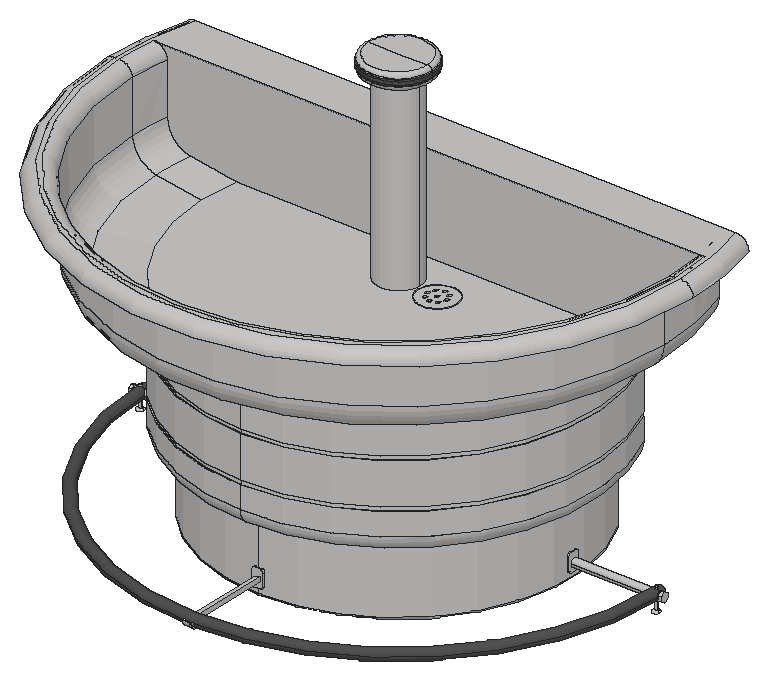
Revit family "Washfountain_Lavatory-Bradley_Corp-WF2704-Type_B_Drain", category Plumbing Fixtures, Revit 2012 (continued)
Lines and regions (in)
  symbolic lines, detail levels medium+fine
    curve 180: arc (-21.2101, -7.75, 28) -> (-20.53249, -6.11411, 28) -> (-18.8966, -5.4365, 28) r 2.3135
    curve 181: arc (21.22689, -7.75456, 28) -> (20.54794, -6.11544, 28) -> (18.90883, -5.4365, 28) r 2.31806
  symbolic lines, visible <- "Sensor Module"
    curve 41: line (-1.99987, -7.6967, 38.03462) -> (1.99987, -7.6967, 38.03462)
    curve 57: line (0, -5.6967, 38.03462) -> (0, -9.69657, 38.03462)
  symbolic lines, visible <- "Sensor Module", detail levels fine
    curve 42: line (-4.49987, -7.6967, 40.30962) -> (4.49987, -7.6967, 40.30962)
    curve 59: line (0, -3.1967, 40.30962) -> (0, -12.1967, 40.30962)
  symbolic lines, visible <- "Sensor Module", detail levels medium
    curve 43: line (-4.57537, -7.6967, 38.86012) -> (4.57537, -7.6967, 38.86012)
    curve 58: line (0, -3.12133, 38.86012) -> (0, -12.27207, 38.86012)
  symbolic lines, visible <- "Soap Dispenser", detail levels medium+fine
    curve 44: line (-6.13971, -7.6967, 44.87453) -> (6.13971, -7.6967, 44.87453)
    curve 60: line (0, -13.83546, 44.87453) -> (0, -5.4467, 44.87453)
    curve 172: line (-4.15684, -5.4467, 45.875) -> (-4.15684, -7.6967, 45.875)
    curve 173: arc (4.15684, -7.6967, 45.875) -> (0, -11.85353, 45.875) -> (-4.15684, -7.6967, 45.875) r 4.15684
    curve 174: line (4.15684, -5.4467, 45.875) -> (4.15684, -7.6967, 45.875)
  symbolic lines, visible <- "Soap Dispenser", detail levels fine
    curve 45: line (6.13971, -7.6967, 45.49971) -> (-6.13971, -7.6967, 45.49971)
    curve 46: line (-5.98301, -7.6967, 44.23265) -> (5.98301, -7.6967, 44.23265)
    curve 47: line (5.93039, -7.6967, 42.98265) -> (-5.93039, -7.6967, 42.98265)
    curve 48: line (-5.87777, -7.6967, 41.73265) -> (5.87777, -7.6967, 41.73265)
    curve 49: line (5.81, -7.6967, 40.48265) -> (-5.81, -7.6967, 40.48265)
    curve 61: line (0, -13.83546, 45.49971) -> (0, -5.4467, 45.49971)
    curve 62: line (0, -13.67876, 44.23265) -> (0, -5.4467, 44.23265)
    curve 63: line (0, -13.62614, 42.98265) -> (0, -5.4467, 42.98265)
    curve 64: line (0, -13.57352, 41.73265) -> (0, -5.4467, 41.73265)
    curve 65: line (0, -13.50574, 40.48265) -> (0, -5.4467, 40.48265)
  model lines, visible <- "Towel Dispenser", detail levels fine
    curve 79: spline (-9.02868, -6.55856, 52.12502) -> (-8.93498, -6.72086, 55.16615) -> (-8.66025, -7.1967, 58.00002) -> (-8.22323, -7.95365, 60.43353) -> (-7.65368, -8.94013, 62.30082) -> (-6.99044, -10.08891, 63.47465) -> (-6.27868, -11.3217, 63.87502) -> (-5.56693, -12.55449, 63.47465) -> (-4.90368, -13.70327, 62.30082) -> (-4.33414, -14.68975, 60.43353) -> (-3.89711, -15.4467, 58.00002) -> (-3.62239, -15.92254, 55.16615) -> (-3.52868, -16.08484, 52.12502)
    curve 80: spline (3.52868, -16.08484, 52.12502) -> (3.62239, -15.92254, 55.16615) -> (3.89711, -15.4467, 58.00002) -> (4.33414, -14.68975, 60.43353) -> (4.90368, -13.70327, 62.30082) -> (5.56693, -12.55449, 63.47465) -> (6.27868, -11.3217, 63.87502) -> (6.99044, -10.08891, 63.47465) -> (7.65368, -8.94013, 62.30082) -> (8.22323, -7.95365, 60.43353) -> (8.66025, -7.1967, 58.00002) -> (8.93498, -6.72086, 55.16615) -> (9.02868, -6.55856, 52.12502)
    curve 81: spline (4.50718, -14.39003, 54.72702) -> (4.52698, -14.35573, 54.7611) -> (4.54543, -14.32377, 54.861) -> (4.56128, -14.29633, 55.01992) -> (4.57344, -14.27528, 55.22702) -> (4.58108, -14.26204, 55.4682) -> (4.58368, -14.25752, 55.72702) -> (4.58108, -14.26204, 55.98584) -> (4.57344, -14.27528, 56.22702) -> (4.56128, -14.29633, 56.43413) -> (4.54543, -14.32377, 56.59305) -> (4.52698, -14.35573, 56.69295) -> (4.50718, -14.39003, 56.72702) -> (4.48738, -14.42432, 56.69295) -> (4.46893, -14.45628, 56.59305) -> (4.45309, -14.48372, 56.43413) -> (4.44093, -14.50478, 56.22702) -> (4.43329, -14.51801, 55.98584) -> (4.43068, -14.52253, 55.72702) -> (4.43329, -14.51801, 55.4682) -> (4.44093, -14.50478, 55.22702) -> (4.45309, -14.48372, 55.01992) -> (4.46893, -14.45628, 54.861) -> (4.48738, -14.42432, 54.7611) -> (4.50718, -14.39003, 54.72702)
    curve 82: spline (-8.05018, -8.25337, 54.72702) -> (-8.03038, -8.28766, 54.7611) -> (-8.01193, -8.31962, 54.861) -> (-7.99609, -8.34706, 55.01992) -> (-7.98393, -8.36812, 55.22702) -> (-7.97629, -8.38136, 55.4682) -> (-7.97368, -8.38587, 55.72702) -> (-7.97629, -8.38136, 55.98584) -> (-7.98393, -8.36812, 56.22702) -> (-7.99609, -8.34706, 56.43413) -> (-8.01193, -8.31962, 56.59305) -> (-8.03038, -8.28766, 56.69295) -> (-8.05018, -8.25337, 56.72702) -> (-8.06998, -8.21907, 56.69295) -> (-8.08843, -8.18712, 56.59305) -> (-8.10428, -8.15968, 56.43413) -> (-8.11644, -8.13862, 56.22702) -> (-8.12408, -8.12538, 55.98584) -> (-8.12668, -8.12087, 55.72702) -> (-8.12408, -8.12538, 55.4682) -> (-8.11644, -8.13862, 55.22702) -> (-8.10428, -8.15968, 55.01992) -> (-8.08843, -8.18712, 54.861) -> (-8.06998, -8.21907, 54.7611) -> (-8.05018, -8.25337, 54.72702)
  symbolic lines, visible <- "Towel Dispenser"
    curve 83: line (-2, -34.71749, 66.063) -> (2, -34.71749, 66.063)
    curve 84: line (-9.02868, -34.71749, 65.37567) -> (-3.52868, -34.71749, 65.37567)
    curve 85: line (-3.52868, -34.71749, 65.37567) -> (-0.06458, -34.71749, 66.063)
    curve 86: line (0.06458, -34.71749, 66.063) -> (3.52868, -34.71749, 65.37567)
    curve 87: line (3.52868, -34.71749, 65.37567) -> (9.02868, -34.71749, 65.37567)
    curve 88: line (3.52868, -34.71749, 65.37567) -> (3.52868, -34.71749, 52.12502)
    curve 89: line (3.52868, -34.71749, 52.12502) -> (9.02868, -34.71749, 52.12502)
    curve 90: line (3.52868, -34.71749, 52.12502) -> (1.58013, -34.71749, 50.75)
    curve 91: line (0.06458, -34.71749, 50.75) -> (0.06458, -34.71749, 66.063)
    curve 92: line (-0.06458, -34.71749, 66.063) -> (-0.06458, -34.71749, 50.75)
    curve 93: line (-9.02868, -34.71749, 52.12502) -> (-3.52868, -34.71749, 52.12502)
    curve 94: line (-3.52868, -34.71749, 52.12502) -> (-1.58013, -34.71749, 50.75)
    curve 95: line (-3.52868, -34.71749, 52.12502) -> (-3.52868, -34.71749, 65.37567)
    curve 108: line (0, -4.4467, 66.063) -> (0, -4.4467, 50.75)
    curve 109: line (0, -4.55856, 66.063) -> (0, -4.55856, 50.75)
    curve 110: line (0, -6.55856, 65.37567) -> (0, -4.55856, 66.063)
    curve 111: line (0, -6.55856, 52.12502) -> (0, -6.55856, 65.37567)
    curve 112: line (0, -6.55856, 65.37567) -> (0, -16.08484, 65.37567)
    curve 113: line (0, -5.6967, 66.063) -> (0, -9.6967, 66.063)
    curve 116: line (0, -5.43356, 50.75) -> (0, -6.55856, 52.12502)
    curve 117: line (0, -6.55856, 52.12502) -> (0, -16.08484, 52.12502)
    curve 123: line (-5.56458, 0, 66.063) -> (-5.56458, 0, 50.75)
    curve 124: line (5.56458, 0, 66.063) -> (5.56458, 0, 50.75)
    curve 125: line (-5.56458, 0, 65.37567) -> (5.56458, 0, 65.37567)
    curve 126: line (-5.56458, 0, 64.87567) -> (5.56458, 0, 64.87567)
    curve 127: line (-5.56458, 0, 52.3286) -> (5.56458, 0, 52.3286)
    curve 128: line (-5.56458, 0, 51.8286) -> (5.56458, 0, 51.8286)
    curve 129: line (-2, 0, 50.75) -> (-2, 0, 51.8286)
    curve 130: line (2.00013, 0, 50.75) -> (2.00013, 0, 51.8286)
    curve 131: line (2, 0, 52.3286) -> (2, 0, 64.87567)
    curve 132: line (2, 0, 65.37567) -> (2, 0, 66.063)
    curve 133: line (-2, 0, 66.063) -> (-2, 0, 65.37567)
    curve 134: line (-2, 0, 64.87567) -> (-2, 0, 52.3286)
    curve 135: line (-2, -34.71749, 50.75) -> (2.00013, -34.71749, 50.75)
    curve 168: line (-0.06458, -14.08484, 50.75) -> (-5.56458, -4.55856, 50.75)
    curve 169: line (5.56458, -4.55856, 50.75) -> (0.06458, -14.08484, 50.75)
    curve 171: circle (0, -7.6967, 50.75) r 2 normal (0, 0, 1)
  symbolic lines, visible <- "Towel Dispenser", detail levels fine
    curve 96: spline (-9.02868, -34.71749, 52.12502) -> (-8.93498, -34.71749, 55.16615) -> (-8.66025, -34.71749, 58.00002) -> (-8.22323, -34.71749, 60.43353) -> (-7.65368, -34.71749, 62.30082) -> (-6.99044, -34.71749, 63.47465) -> (-6.27868, -34.71749, 63.87502) -> (-5.56693, -34.71749, 63.47465) -> (-4.90368, -34.71749, 62.30082) -> (-4.33414, -34.71749, 60.43353) -> (-3.89711, -34.71749, 58.00002) -> (-3.62239, -34.71749, 55.16615) -> (-3.52868, -34.71749, 52.12502)
    curve 97: spline (3.52868, -34.71749, 52.12502) -> (3.62239, -34.71749, 55.16615) -> (3.89711, -34.71749, 58.00002) -> (4.33414, -34.71749, 60.43353) -> (4.90368, -34.71749, 62.30082) -> (5.56693, -34.71749, 63.47465) -> (6.27868, -34.71749, 63.87502) -> (6.99044, -34.71749, 63.47465) -> (7.65368, -34.71749, 62.30082) -> (8.22323, -34.71749, 60.43353) -> (8.66025, -34.71749, 58.00002) -> (8.93498, -34.71749, 55.16615) -> (9.02868, -34.71749, 52.12502)
    curve 98: spline (-8.05018, -34.71749, 54.72702) -> (-8.03038, -34.71749, 54.7611) -> (-8.01193, -34.71749, 54.861) -> (-7.99609, -34.71749, 55.01992) -> (-7.98393, -34.71749, 55.22702) -> (-7.97629, -34.71749, 55.4682) -> (-7.97368, -34.71749, 55.72702) -> (-7.97629, -34.71749, 55.98584) -> (-7.98393, -34.71749, 56.22702) -> (-7.99609, -34.71749, 56.43413) -> (-8.01193, -34.71749, 56.59305) -> (-8.03038, -34.71749, 56.69295) -> (-8.05018, -34.71749, 56.72702) -> (-8.06998, -34.71749, 56.69295) -> (-8.08843, -34.71749, 56.59305) -> (-8.10428, -34.71749, 56.43413) -> (-8.11644, -34.71749, 56.22702) -> (-8.12408, -34.71749, 55.98584) -> (-8.12668, -34.71749, 55.72702) -> (-8.12408, -34.71749, 55.4682) -> (-8.11644, -34.71749, 55.22702) -> (-8.10428, -34.71749, 55.01992) -> (-8.08843, -34.71749, 54.861) -> (-8.06998, -34.71749, 54.7611) -> (-8.05018, -34.71749, 54.72702)
    curve 99: spline (4.50718, -34.71749, 54.72702) -> (4.52698, -34.71749, 54.7611) -> (4.54543, -34.71749, 54.861) -> (4.56128, -34.71749, 55.01992) -> (4.57344, -34.71749, 55.22702) -> (4.58108, -34.71749, 55.4682) -> (4.58368, -34.71749, 55.72702) -> (4.58108, -34.71749, 55.98584) -> (4.57344, -34.71749, 56.22702) -> (4.56128, -34.71749, 56.43413) -> (4.54543, -34.71749, 56.59305) -> (4.52698, -34.71749, 56.69295) -> (4.50718, -34.71749, 56.72702) -> (4.48738, -34.71749, 56.69295) -> (4.46893, -34.71749, 56.59305) -> (4.45309, -34.71749, 56.43413) -> (4.44093, -34.71749, 56.22702) -> (4.43329, -34.71749, 55.98584) -> (4.43068, -34.71749, 55.72702) -> (4.43329, -34.71749, 55.4682) -> (4.44093, -34.71749, 55.22702) -> (4.45309, -34.71749, 55.01992) -> (4.46893, -34.71749, 54.861) -> (4.48738, -34.71749, 54.7611) -> (4.50718, -34.71749, 54.72702)
    curve 114: spline (0, -6.55856, 52.12502) -> (0, -6.72086, 55.16615) -> (0, -7.1967, 58.00002) -> (0, -7.95365, 60.43353) -> (0, -8.94013, 62.30082) -> (0, -10.08891, 63.47465) -> (0, -11.3217, 63.87502) -> (0, -12.55449, 63.47465) -> (0, -13.70327, 62.30082) -> (0, -14.68975, 60.43353) -> (0, -15.4467, 58.00002) -> (0, -15.92254, 55.16615) -> (0, -16.08484, 52.12502)
    curve 115: spline (0, -14.39003, 54.72702) -> (0, -14.35573, 54.7611) -> (0, -14.32377, 54.861) -> (0, -14.29633, 55.01992) -> (0, -14.27528, 55.22702) -> (0, -14.26204, 55.4682) -> (0, -14.25752, 55.72702) -> (0, -14.26204, 55.98584) -> (0, -14.27528, 56.22702) -> (0, -14.29633, 56.43413) -> (0, -14.32377, 56.59305) -> (0, -14.35573, 56.69295) -> (0, -14.39003, 56.72702) -> (0, -14.42432, 56.69295) -> (0, -14.45628, 56.59305) -> (0, -14.48372, 56.43413) -> (0, -14.50478, 56.22702) -> (0, -14.51801, 55.98584) -> (0, -14.52253, 55.72702) -> (0, -14.51801, 55.4682) -> (0, -14.50478, 55.22702) -> (0, -14.48372, 55.01992) -> (0, -14.45628, 54.861) -> (0, -14.42432, 54.7611) -> (0, -14.39003, 54.72702)
  symbolic lines, visible <- "Towel Dispenser", detail levels medium+fine
    curve 100: line (-7.85863, -34.71749, 51.8286) -> (-3.85863, -34.71749, 51.8286)
    curve 101: spline (-3.85863, -34.71749, 51.8286) -> (-3.74268, -34.71749, 51.81528) -> (-3.59687, -34.71749, 51.77621) -> (-3.43113, -34.71749, 51.71406) -> (-3.25676, -34.71749, 51.63306) -> (-3.08563, -34.71749, 51.53873) -> (-2.92941, -34.71749, 51.43751) -> (-2.79874, -34.71749, 51.33629) -> (-2.70254, -34.71749, 51.24197) -> (-2.64735, -34.71749, 51.16097) -> (-2.63694, -34.71749, 51.09882) -> (-2.67201, -34.71749, 51.05975) -> (-2.75019, -34.71749, 51.04642)
    curve 102: line (-2.75019, -34.71749, 51.04642) -> (-6.75019, -34.71749, 51.04642)
    curve 103: spline (-6.75019, -34.71749, 51.04642) -> (-6.86613, -34.71749, 51.05975) -> (-7.01194, -34.71749, 51.09882) -> (-7.17768, -34.71749, 51.16097) -> (-7.35206, -34.71749, 51.24197) -> (-7.52319, -34.71749, 51.33629) -> (-7.67941, -34.71749, 51.43751) -> (-7.81007, -34.71749, 51.53873) -> (-7.90628, -34.71749, 51.63306) -> (-7.96146, -34.71749, 51.71406) -> (-7.97187, -34.71749, 51.77621) -> (-7.9368, -34.71749, 51.81528) -> (-7.85863, -34.71749, 51.8286)
    curve 104: line (7.85863, -34.71749, 51.8286) -> (3.85863, -34.71749, 51.8286)
    curve 105: spline (3.85863, -34.71749, 51.8286) -> (3.74268, -34.71749, 51.81528) -> (3.59687, -34.71749, 51.77621) -> (3.43113, -34.71749, 51.71406) -> (3.25676, -34.71749, 51.63306) -> (3.08563, -34.71749, 51.53873) -> (2.92941, -34.71749, 51.43751) -> (2.79874, -34.71749, 51.33629) -> (2.70254, -34.71749, 51.24197) -> (2.64735, -34.71749, 51.16097) -> (2.63694, -34.71749, 51.09882) -> (2.67201, -34.71749, 51.05975) -> (2.75019, -34.71749, 51.04642)
    curve 106: line (2.75019, -34.71749, 51.04642) -> (6.75019, -34.71749, 51.04642)
    curve 107: spline (6.75019, -34.71749, 51.04642) -> (6.86613, -34.71749, 51.05975) -> (7.01194, -34.71749, 51.09882) -> (7.17768, -34.71749, 51.16097) -> (7.35206, -34.71749, 51.24197) -> (7.52319, -34.71749, 51.33629) -> (7.67941, -34.71749, 51.43751) -> (7.81007, -34.71749, 51.53873) -> (7.90628, -34.71749, 51.63306) -> (7.96146, -34.71749, 51.71406) -> (7.97187, -34.71749, 51.77621) -> (7.9368, -34.71749, 51.81528) -> (7.85863, -34.71749, 51.8286)
    curve 118: spline (0, -7.61507, 51.8286) -> (0, -7.43606, 51.81528) -> (0, -7.24745, 51.77621) -> (0, -7.06208, 51.71406) -> (0, -6.89258, 51.63306) -> (0, -6.75052, 51.53873) -> (0, -6.64558, 51.43751) -> (0, -6.58489, 51.33629) -> (0, -6.57261, 51.24197) -> (0, -6.60956, 51.16097) -> (0, -6.69323, 51.09882) -> (0, -6.81791, 51.05975) -> (0, -6.97512, 51.04642)
    curve 119: line (0, -6.97512, 51.04642) -> (0, -13.90332, 51.04642)
    curve 120: spline (0, -13.90332, 51.04642) -> (0, -14.08233, 51.05975) -> (0, -14.27095, 51.09882) -> (0, -14.45632, 51.16097) -> (0, -14.62581, 51.24197) -> (0, -14.76787, 51.33629) -> (0, -14.87282, 51.43751) -> (0, -14.9335, 51.53873) -> (0, -14.94579, 51.63306) -> (0, -14.90884, 51.71406) -> (0, -14.82517, 51.77621) -> (0, -14.70048, 51.81528) -> (0, -14.54328, 51.8286)
    curve 121: line (0, -14.54328, 51.8286) -> (0, -7.61507, 51.8286)
    curve 167: line (-7.08013, -5.43356, 50.75) -> (-1.58013, -14.95984, 50.75)
    curve 170: line (1.58013, -14.95984, 50.75) -> (7.08013, -5.43356, 50.75)
  model lines, detail levels medium+fine
    curve 137: circle (4, -8.25, 19.12) r 1.25 normal (0, 0, 1)
  symbolic lines, visible <- "Foot Control Valve", detail levels fine
    curve 155: line (0, -7.5767, 0.1445) -> (0, -7.8167, 0.1445)
    curve 156: circle (0, -7.75001, 1.425) r 0.36122 normal (1, 0, 0)
    curve 157: line (0, -7.5767, 1.99999) -> (0, -7.8167, 1.99999)
    curve 158: line (0, -7.8167, 1.99999) -> (0, -7.8167, 1.9244)
    curve 159: line (0, -7.5767, 1.99999) -> (0, -7.5767, 1.9244)
    curve 160: line (0, -7.5767, 0.67154) -> (0, -7.5767, 0.92558)
    curve 161: line (0, -7.8167, 0.67154) -> (0, -7.8167, 0.92558)
    curve 182: line (-0.40046, -36.21749, 0.92558) -> (-0.40046, -36.21749, 0.82558)
    curve 183: line (-0.40046, -36.21749, 0.82558) -> (0.4, -36.21749, 0.82558)
    curve 184: line (0.4, -36.21749, 0.82558) -> (0.4, -36.21749, 0.92558)
    curve 185: line (-24.01563, 0, 1.7965) -> (-24.01563, 0, 1.0535)
    curve 186: line (-24.32813, 0, 1.21051) -> (-24.01563, 0, 1.21051)
    curve 187: line (-24.32813, 0, 1.63949) -> (-24.01563, 0, 1.63949)
    curve 188: line (-23.69813, 0, 0.1445) -> (-23.45813, 0, 0.1445)
    curve 189: line (24.04349, 0, 1.7965) -> (24.04349, 0, 1.0535)
    curve 190: line (24.37917, 0, 1.21051) -> (24.04349, 0, 1.21051)
    curve 191: line (24.37923, 0, 1.63949) -> (24.04349, 0, 1.63949)
    curve 192: line (23.69813, 0, 0.1445) -> (23.45813, 0, 0.1445)
  symbolic lines, visible <- "Foot Control Valve", detail levels coarse+medium
    curve 162: line (-0.40046, -34.71749, 0.92558) -> (0.4, -34.71749, 0.92558)
  symbolic lines, visible <- "Sensor Module", detail levels medium+fine
    curve 175: circle (0, -7.6967, 40.875) r 3.75 normal (0, 0, 1)
Dimensions and locks (in)
  equal spacing: plane 4 "Left", plane 3 "Center (Left/Right)", plane 5 "Right"
  "Width": plane 4 "Left" to plane 5 "Right"
  "Towel Dispenser Height": plane 6 "Towel Dispenser" to plane 2
  "Soap Dispenser Height": plane 7 "Soap Dispenser" to plane 2
  "Sensor Module Height": plane 8 "Sensor Module" to plane 2
  "Spray Head Height": plane 9 "Spray Head" to plane 2
  "Rim Height": plane 10 "Rim Height" to plane 2
  "Pedestal Height": plane 11 "Pedestal Height" to plane 2
  locked: plane 9 "Spray Head" to Revolve 7 sketch curve at 1.38963
  locked: plane 9 "Spray Head" to Revolve 8 sketch curve at 1.38963
  locked: plane 9 "Spray Head" to Masking region 1 sketch curve at 1.38963  (x2)
  locked: plane 9 "Spray Head" to Masking region 2 sketch curve at 1.38963  (x2)
  locked: plane 8 "Sensor Module" to Revolve 9 sketch curve at 2.84038
  locked: plane 8 "Sensor Module" to Revolve 10 sketch curve at 2.84038
  locked: plane 8 "Sensor Module" to Masking region 3 sketch curve at 2.84038  (x2)
  locked: plane 8 "Sensor Module" to Masking region 4 sketch curve at 2.84038  (x2)
  locked: plane 7 "Soap Dispenser" to plane 13 at 6
  locked: plane 8 "Sensor Module" to Masking region 10 sketch curve at 2.84038  (x2)
  locked: plane 8 "Sensor Module" to Masking region 9 sketch curve at 2.84038  (x2)
  plane 14 "Front" to plane 1 "Center (Front/Back)" = 34.71749"
  locked: curve 76 to Extrusion 16 sketch curve at 15.313
  locked: curve 76 to Extrusion 16 sketch curve at 15.16279
  locked: Extrusion 16 sketch curve to curve 76 at 4
  locked: Extrusion 16 sketch curve to Extrusion 16 sketch curve at 1.37502
  locked: curve 77 to Extrusion 17 sketch curve at 4
  locked: curve 77 to Extrusion 17 sketch curve at 15.313
  locked: curve 77 to Extrusion 17 sketch curve at 15.16279
  locked: Extrusion 17 sketch curve to Extrusion 17 sketch curve at 1.37502
  locked: Extrusion 19 to Extrusion 16 at 1
  "Towel Dispenser Holder": plane 6 "Towel Dispenser" to Extrusion 19
  "Soap Dispenser Holder": plane 13 to Extrusion 20
  "Towel Dispenser Holder": plane 6 "Towel Dispenser" to Masking region 21
  "Soap Dispenser Holder": plane 13 to Masking region 22
  "Towel Dispenser Holder": plane 6 "Towel Dispenser" to Masking region 24
  "Soap Dispenser Holder": Masking region 23 to plane 13
  Extrusion 33 sketch curve to plane 1 "Center (Front/Back)" = 8.250"
  locked: Extrusion 33 to plane 2 at 3
  Extrusion 34 sketch curve to plane 1 "Center (Front/Back)" = 8.250"
  "Vent Height": Extrusion 34 to plane 2
  locked: plane 1 "Center (Front/Back)" to Extrusion 35 at 2.5
  locked: Extrusion 33 sketch curve to plane 3 "Center (Left/Right)" at 4
  locked: plane 7 "Soap Dispenser" to Revolve 12 sketch curve at 1.00047
  locked: plane 7 "Soap Dispenser" to Revolve 39 sketch curve at 1.00047
  locked: plane 7 "Soap Dispenser" to Extrusion 14 sketch curve at 1.00047
  locked: plane 7 "Soap Dispenser" to Extrusion 40 sketch curve at 1.00047
  locked: plane 8 "Sensor Module" to Extrusion 41 sketch curve at 1.29013
  locked: plane 8 "Sensor Module" to Extrusion 42 sketch curve at 1.29013
  Extrusion 34 sketch curve to plane 3 "Center (Left/Right)" to Extrusion 34 sketch curve = 0.875" locked, 0.875" locked
  locked: Extrusion 34 sketch curve to plane 1 "Center (Front/Back)" at 7  (x2)
  radius of Extrusion 19 sketch curve = 2.000"
  radius of Extrusion 20 sketch curve = 2.000"
  radius of Extrusion 33 sketch curve = 1.000"
  "Vent Radius": radius of Extrusion 34 sketch curve
  "Hot Lavatory Inlet Radius": radius of Extrusion 34 sketch curve
  "Cold Lavatory Inlet Radius": radius of Extrusion 34 sketch curve
  aligned and locked: Extrusion 2 sketch curve to plane 1 "Center (Front/Back)"
  aligned and locked: Extrusion 2 to plane 2
  aligned and locked: plane 9 "Spray Head" to Extrusion 2
  aligned and locked: plane 12 to Revolve 4 sketch curve
  aligned and locked: plane 12 to Revolve 5 sketch curve
  aligned and locked: plane 12 to Revolve 6 sketch curve
  aligned and locked: Revolve 7 sketch curve to plane 3 "Center (Left/Right)"
  aligned and locked: Revolve 8 sketch curve to plane 3 "Center (Left/Right)"
  aligned and locked: plane 11 "Pedestal Height" to Revolve 7 sketch curve
  aligned and locked: Revolve 7 sketch curve to plane 9 "Spray Head"
  aligned and locked: Revolve 8 sketch curve to plane 11 "Pedestal Height"
  aligned and locked: Masking region 1 sketch curve to plane 10 "Rim Height"
  aligned and locked: Masking region 2 sketch curve to plane 10 "Rim Height"
  aligned and locked: Masking region 2 sketch curve to plane 9 "Spray Head"
  aligned and locked: Revolve 9 sketch curve to plane 8 "Sensor Module"
  aligned and locked: Revolve 9 sketch curve to plane 9 "Spray Head"
  aligned and locked: Revolve 9 sketch curve to plane 3 "Center (Left/Right)"
  aligned and locked: Revolve 10 sketch curve to plane 3 "Center (Left/Right)"
  aligned and locked: Revolve 10 sketch curve to plane 9 "Spray Head"
  aligned and locked: Masking region 3 sketch curve to plane 9 "Spray Head"
  aligned and locked: Masking region 4 sketch curve to plane 9 "Spray Head"
  aligned and locked: Masking region 4 sketch curve to plane 8 "Sensor Module"
  aligned and locked: Revolve 11 sketch curve to plane 7 "Soap Dispenser"
  aligned and locked: plane 13 to Revolve 11 sketch curve
  aligned and locked: Revolve 11 sketch curve to plane 3 "Center (Left/Right)"
  aligned and locked: Revolve 12 sketch curve to plane 3 "Center (Left/Right)"
  aligned and locked: Masking region 5 sketch curve to plane 7 "Soap Dispenser"
  aligned and locked: Masking region 5 sketch curve to plane 13
  aligned and locked: Masking region 6 sketch curve to plane 7 "Soap Dispenser"
  aligned and locked: plane 13 to Masking region 6 sketch curve
  aligned and locked: Extrusion 13 sketch curve to plane 7 "Soap Dispenser"
  aligned and locked: plane 13 to Extrusion 13 sketch curve
  aligned and locked: plane 13 to Extrusion 14 sketch curve
  aligned and locked: plane 9 "Spray Head" to Masking region 9 sketch curve
  aligned and locked: Masking region 9 sketch curve to plane 8 "Sensor Module"
  aligned and locked: Masking region 10 sketch curve to plane 8 "Sensor Module"
  aligned and locked: Masking region 10 sketch curve to plane 9 "Spray Head"
  aligned and locked: Masking region 11 sketch curve to plane 10 "Rim Height"
  aligned and locked: Masking region 11 sketch curve to plane 9 "Spray Head"
  aligned and locked: Masking region 12 sketch curve to plane 10 "Rim Height"
  aligned and locked: Masking region 15 sketch curve to plane 11 "Pedestal Height"
  aligned and locked: Masking region 15 sketch curve to plane 2
  aligned and locked: Masking region 16 sketch curve to plane 11 "Pedestal Height"
  aligned and locked: Masking region 16 sketch curve to plane 2
  aligned and locked: Masking region 17 sketch curve to plane 10 "Rim Height"
  aligned and locked: Masking region 17 sketch curve to plane 11 "Pedestal Height"
  aligned and locked: Masking region 18 sketch curve to plane 10 "Rim Height"
  aligned and locked: plane 11 "Pedestal Height" to Masking region 18 sketch curve
  aligned and locked: Masking region 19 sketch curve to plane 11 "Pedestal Height"
  aligned and locked: plane 2 to Masking region 19 sketch curve
  aligned and locked: Masking region 20 sketch curve to plane 11 "Pedestal Height"
  aligned and locked: plane 2 to Masking region 20 sketch curve
  aligned and locked: plane 12 to Extrusion 15 sketch curve
  aligned and locked: plane 3 "Center (Left/Right)" to Extrusion 15 sketch curve
  aligned and locked: plane 12 to Extrusion 18 sketch curve
  aligned and locked: plane 3 "Center (Left/Right)" to Extrusion 18 sketch curve
  aligned and locked: plane 12 to Extrusion 19 sketch curve
  aligned and locked: plane 3 "Center (Left/Right)" to Extrusion 19 sketch curve
  aligned and locked: plane 12 to Extrusion 20 sketch curve
  aligned and locked: plane 3 "Center (Left/Right)" to Extrusion 20 sketch curve
  aligned and locked: Extrusion 20 to plane 13
  aligned and locked: plane 6 "Towel Dispenser" to Masking region 21
  aligned and locked: Masking region 22 to plane 13
  aligned and locked: plane 13 to Masking region 23
  aligned and locked: Masking region 24 to plane 6 "Towel Dispenser"
  aligned and locked: Extrusion 22 to plane 11 "Pedestal Height"
  aligned and locked: plane 2 to Blend 28
  aligned and locked: Blend 27 to plane 2
  aligned and locked: Blend 28 to Extrusion 26
  aligned and locked: plane 3 "Center (Left/Right)" to Masking region 32 sketch curve
  aligned and locked: plane 3 "Center (Left/Right)" to curve 171
  aligned and locked: plane 12 to curve 171
  aligned and locked: plane 3 "Center (Left/Right)" to Masking region 35 sketch curve
  aligned and locked: plane 12 to Masking region 35 sketch curve
  aligned and locked: plane 12 to curve 175
  aligned and locked: plane 3 "Center (Left/Right)" to curve 175
  aligned and locked: plane 12 to Masking region 36 sketch curve
  aligned and locked: plane 3 "Center (Left/Right)" to Masking region 36 sketch curve
  aligned and locked: plane 12 to curve 176
  aligned and locked: plane 3 "Center (Left/Right)" to curve 176
  aligned and locked: Extrusion 33 to plane 2
  aligned and locked: Extrusion 34 to plane 2
  aligned and locked: Extrusion 35 to plane 1 "Center (Front/Back)"
  aligned and locked: Masking region 30 to Extrusion 32
  aligned and locked: plane 3 "Center (Left/Right)" to Extrusion 34 sketch curve
  aligned and locked: Revolve 39 sketch curve to plane 3 "Center (Left/Right)"
  aligned and locked: Extrusion 40 sketch curve to plane 7 "Soap Dispenser"
  aligned and locked: plane 11 "Pedestal Height" to Sweep 3 sketch curve
  aligned and locked: plane 3 "Center (Left/Right)" to Extrusion 41 sketch curve
  aligned and locked: plane 3 "Center (Left/Right)" to Extrusion 42 sketch curve
  aligned and locked: Extrusion 41 to Masking region 9
  aligned and locked: Extrusion 42 to Masking region 10
  aligned and locked: Masking region 9 to Extrusion 42
  aligned and locked: Masking region 37 sketch curve to Extrusion 41  (x2)
  aligned and locked: Extrusion 42 to Masking region 38 sketch curve
  aligned and locked: Masking region 38 sketch curve to Extrusion 42
  aligned and locked: cut or joined group of Sweep 1, Extrusion 2, Extrusion 22, Extrusion 44, Sweep 45 to Extrusion 21
  aligned and locked: plane 3 "Center (Left/Right)" to curve 13
  aligned and locked: Extrusion 43 to cut or joined group of Extrusion 2, Sweep 3, Extrusion 22, Extrusion 43
  aligned and locked: Extrusion 43 to curve 13
  aligned and locked: cut or joined group of Extrusion 2, Sweep 3, Extrusion 22, Extrusion 43 to curve 24
  aligned and locked: curve 33 to cut or joined group of Extrusion 2, Sweep 3, Extrusion 22, Extrusion 43
Automatic sketch dimensions
  level to curve 186 = 1.21051"
  plane 4 "Left" to curve 186 = 2.67187"
  curve 187 to curve 186 = 0.000"
  curve 186 to curve 186 = 0.3125"
  level to curve 188 = 0.1445"
  curve 185 to curve 188 = 0.3175"
  curve 188 to curve 188 = 0.240"
  level to curve 192 = 0.1445"
  curve 192 to plane 5 "Right" = 3.54187"
  curve 192 to curve 192 = 0.240"
  curve 192 to curve 190 = 0.34536"
  curve 190 to curve 190 = 0.33568"
  curve 191 to curve 191 = 0.33574"
  curve 192 to curve 189 = 0.909"
  curve 185 to curve 186 = 0.15701"
  curve 189 to curve 190 = 0.15701"
  curve 186 to curve 187 = 0.42897"
  curve 190 to curve 191 = 0.42897"
  curve 191 to curve 189 = 0.15701"
  curve 187 to curve 185 = 0.15701"
  curve 149 to plane 12 = 0.000"
  curve 149 to plane 3 "Center (Left/Right)" = 0.000"
  plane 4 "Left" to curve 150 = 2.99154"
  plane 12 to curve 151 = 0.500"
  plane 12 to curve 150 = 0.500"
  curve 163 to plane 3 "Center (Left/Right)" = 1.500"
  plane 3 "Center (Left/Right)" to curve 163 = 1.500"
  curve 163 to plane 14 "Front" = 1.500"
  curve 1 to plane 1 "Center (Front/Back)" = 0.000"
  curve 2 to plane 3 "Center (Left/Right)" = 0.000"
  plane 3 "Center (Left/Right)" to curve 1 = 3.000"
  curve 1 to plane 3 "Center (Left/Right)" = 3.000"
  curve 2 to plane 1 "Center (Front/Back)" = 3.000"
  plane 1 "Center (Front/Back)" to curve 2 = 3.000"
  curve 3 to plane 12 = 0.000"
  curve 4 to plane 3 "Center (Left/Right)" = 0.000"
  plane 3 "Center (Left/Right)" to curve 3 = 3.000"
  curve 3 to plane 3 "Center (Left/Right)" = 3.000"
  plane 12 to curve 4 = 3.000"
  curve 4 to plane 12 = 3.000"
  curve 5 to plane 12 = 0.000"
  curve 6 to plane 3 "Center (Left/Right)" = 0.000"
  plane 3 "Center (Left/Right)" to curve 5 = 3.000"
  curve 5 to plane 3 "Center (Left/Right)" = 3.000"
  plane 12 to curve 6 = 3.000"
  curve 6 to plane 12 = 3.000"
  curve 7 to plane 12 = 0.000"
  curve 8 to plane 3 "Center (Left/Right)" = 0.000"
  plane 3 "Center (Left/Right)" to curve 7 = 3.000"
  curve 7 to plane 3 "Center (Left/Right)" = 3.000"
  plane 12 to curve 8 = 3.000"
  curve 8 to plane 12 = 3.000"
  curve 122 to plane 1 "Center (Front/Back)" = 0.000"
  curve 9 to plane 12 = 0.000"
  curve 136 to plane 14 "Front" = 0.000"
  curve 10 to plane 3 "Center (Left/Right)" = 0.000"
  plane 3 "Center (Left/Right)" to curve 77 = 0.06458"
  plane 3 "Center (Left/Right)" to curve 136 = 3.000"
  plane 3 "Center (Left/Right)" to curve 9 = 3.000"
  plane 3 "Center (Left/Right)" to curve 122 = 3.000"
  curve 78 to curve 9 = 2.500"
  curve 77 to curve 78 = 0.06458"
  curve 76 to plane 3 "Center (Left/Right)" = 0.06458"
  curve 122 to plane 3 "Center (Left/Right)" = 3.000"
  curve 9 to plane 3 "Center (Left/Right)" = 3.000"
  curve 136 to plane 3 "Center (Left/Right)" = 3.000"
  curve 9 to curve 78 = 2.500"
  curve 78 to curve 76 = 0.06458"
  plane 12 to curve 78 = 3.250"
  curve 78 to curve 76 = 0.11186"
  curve 78 to curve 77 = 0.11186"
  plane 12 to curve 10 = 3.000"
  curve 10 to plane 12 = 3.000"
  curve 10 to curve 76 = 3.38814"
  curve 77 to curve 76 = 0.000"
  curve 12 to plane 1 "Center (Front/Back)" = 0.000"
  curve 11 to plane 3 "Center (Left/Right)" = 0.000"
  plane 3 "Center (Left/Right)" to curve 12 = 3.000"
  curve 12 to plane 3 "Center (Left/Right)" = 3.000"
  curve 11 to plane 1 "Center (Front/Back)" = 3.000"
  plane 1 "Center (Front/Back)" to curve 11 = 3.000"
  curve 138 to curve 139 = 0.000"
  curve 138 to curve 140 = 0.000"  (x2)
  curve 139 to curve 140 = 0.000"
  curve 164 to plane 3 "Center (Left/Right)" = 0.000"
  plane 12 to curve 165 = 0.00049"
  plane 3 "Center (Left/Right)" to curve 165 = 0.0084"
  curve 141 to plane 12 = 0.5533"
  plane 3 "Center (Left/Right)" to curve 141 = 3.12229"
  curve 148 to curve 141 = 0.25708"
  plane 12 to curve 142 = 0.06733"
  curve 142 to curve 141 = 0.25708"
  curve 147 to curve 148 = 0.62063"
  curve 139 to curve 142 = 0.62063"
  plane 12 to curve 143 = 0.32441"
  curve 143 to curve 142 = 0.62063"
  curve 146 to curve 147 = 0.62063"
  plane 12 to curve 144 = 0.06733"
  curve 144 to curve 143 = 0.62063"
  curve 145 to curve 144 = 0.25708"
  curve 181 to plane 12 = 0.05786"
  curve 181 to plane 5 "Right" = 8.09117"
  curve 179 to curve 166 = 0.59122"
  curve 181 to curve 179 = 1.72684"
  curve 164 to curve 165 = 1.90899"
  curve 180 to plane 12 = 0.0533"
  curve 166 to curve 177 = 0.60345"
  curve 178 to curve 166 = 1.31866"
  curve 13 to curve 164 = 0.00244"
  curve 138 to plane 12 = 0.5533"
  curve 145 to plane 12 = 0.5533"
  curve 145 to curve 146 = 0.62063"
  curve 141 to curve 148 = 0.62063"
  curve 148 to curve 147 = 0.25708"
  Sweep 1 sketch curve to Sweep 1 sketch curve = 0.000"  (x9)
  Sweep 1 sketch curve to profile plane = 0.000"  (x2)
  Sweep 1 sketch curve to profile plane = 0.03252"
  Sweep 1 sketch curve to Sweep 1 sketch curve = 0.120"  (x2)
  profile plane to Sweep 1 sketch curve = 0.00011"
  Sweep 1 sketch curve to profile plane = 1.15752"
  Sweep 1 sketch curve to Sweep 1 sketch curve = 0.410"
  Sweep 1 sketch curve to Sweep 1 sketch curve = 1.005"
  Sweep 1 sketch curve to profile plane = 2.61371"
  Sweep 1 sketch curve to profile plane = 1.125"
  Sweep 1 sketch curve to Sweep 1 sketch curve = 0.11999"
  Sweep 1 sketch curve to Sweep 1 sketch curve = 2.12234"
  Sweep 1 sketch curve to Sweep 1 sketch curve = 0.01728"
  Sweep 1 sketch curve to Sweep 1 sketch curve = 0.360"
  Sweep 1 sketch curve to Sweep 1 sketch curve = 4.17649"
  Sweep 1 sketch curve to Sweep 1 sketch curve = 0.00869"
  Sweep 1 sketch curve to Sweep 1 sketch curve = 16.01209"
  Sweep 1 sketch curve to Sweep 1 sketch curve = 0.00025"
  Sweep 1 sketch curve to Sweep 1 sketch curve = 4.67455"
  Sweep 1 sketch curve to Sweep 1 sketch curve = 0.04363"
  Sweep 1 sketch curve to Sweep 1 sketch curve = 0.00156"
  Sweep 1 sketch curve to profile plane = 8.880"
  Sweep 1 sketch curve to Sweep 1 sketch curve = 0.00011"
  Extrusion 2 sketch curve to plane 5 "Right" = 0.000"
  Extrusion 2 sketch curve to plane 4 "Left" = 0.000"
  Extrusion 2 sketch curve to plane 1 "Center (Front/Back)" = 20.000"
  Sweep 3 sketch curve to profile plane = 0.000"
  Sweep 3 sketch curve to profile plane = 0.03243"
  Sweep 3 sketch curve to Sweep 3 sketch curve = 0.12013"
  Sweep 3 sketch curve to profile plane = 0.120"
  Sweep 3 sketch curve to Sweep 3 sketch curve = 2.42506"
  Sweep 3 sketch curve to Sweep 3 sketch curve = 0.120"
  Sweep 3 sketch curve to profile plane = 8.880"
  Sweep 3 sketch curve to Sweep 3 sketch curve = 22.35569"
  Sweep 3 sketch curve to Sweep 3 sketch curve = 1.00495"
  Revolve 4 sketch curve to plane 11 "Pedestal Height" = 0.000"
  Revolve 4 sketch curve to plane 12 = 0.000"
  plane 14 "Front" to Revolve 4 sketch curve = 10.55795"
  Revolve 4 sketch curve to Revolve 4 sketch curve = 1.44698"
  Revolve 4 sketch curve to Revolve 4 sketch curve = 1.45168"
  Revolve 4 sketch curve to Revolve 4 sketch curve = 0.08393"  (x2)
  Revolve 4 sketch curve to Revolve 4 sketch curve = 1.53091"
  Revolve 4 sketch curve to plane 11 "Pedestal Height" = 4.46462"
  Revolve 4 sketch curve to Revolve 4 sketch curve = 0.375"  (x2)
  Revolve 4 sketch curve to Revolve 4 sketch curve = 3.8125"
  Revolve 4 sketch curve to Revolve 4 sketch curve = 2.08309"
  Revolve 4 sketch curve to level = 3.07853"
  plane 11 "Pedestal Height" to Revolve 4 sketch curve = 3.47247"
  Revolve 5 sketch curve to plane 11 "Pedestal Height" = 0.000"
  Revolve 5 sketch curve to plane 12 = 0.000"
  plane 14 "Front" to Revolve 5 sketch curve = 9.02704"
  level to Revolve 5 sketch curve = 6.35887"
  Revolve 5 sketch curve to level = 1.551"
  plane 11 "Pedestal Height" to Revolve 5 sketch curve = 3.000"
  Revolve 6 sketch curve to level = 0.000"
  Revolve 6 sketch curve to plane 12 = 0.000"
  plane 14 "Front" to Revolve 6 sketch curve = 11.303"
  Revolve 6 sketch curve to Revolve 6 sketch curve = 0.07241"
  level to Revolve 6 sketch curve = 0.1416"
  Revolve 6 sketch curve to level = 3.2954"
  Revolve 6 sketch curve to Revolve 6 sketch curve = 5.90435"
  level to Revolve 6 sketch curve = 6.35887"
  Revolve 6 sketch curve to Revolve 6 sketch curve = 5.09572"
  Revolve 7 sketch curve to Revolve 7 sketch curve = 0.000"  (x3)
  curve 3 to Revolve 7 sketch curve = 1.00013"
  curve 3 to Revolve 7 sketch curve = 0.31013"  (x2)
  Revolve 7 sketch curve to curve 3 = 0.03112"  (x2)
  Revolve 7 sketch curve to curve 3 = 0.03487"  (x3)
  Revolve 7 sketch curve to Revolve 7 sketch curve = 0.09375"
  curve 3 to Revolve 7 sketch curve = 1.74493"
  Revolve 7 sketch curve to curve 3 = 0.94456"
  Revolve 7 sketch curve to curve 3 = 0.53838"
  Revolve 7 sketch curve to Revolve 7 sketch curve = 0.00037"
  Revolve 7 sketch curve to curve 3 = 0.38012"
  curve 3 to Revolve 8 sketch curve = 1.00013"
  curve 3 to Revolve 8 sketch curve = 0.31085"
  Revolve 8 sketch curve to curve 3 = 0.00012"
  curve 3 to Revolve 8 sketch curve = 0.31013"
  Revolve 8 sketch curve to curve 3 = 0.12487"
  Revolve 8 sketch curve to Revolve 8 sketch curve = 0.000"
  curve 3 to Revolve 8 sketch curve = 1.84143"
  Revolve 8 sketch curve to curve 3 = 0.94456"
  Revolve 8 sketch curve to curve 3 = 0.44471"
  Revolve 8 sketch curve to Revolve 8 sketch curve = 0.40845"
  Masking region 1 sketch curve to curve 3 = 0.000"
  Masking region 1 sketch curve to curve 3 = 0.12487"
  Masking region 1 sketch curve to curve 3 = 0.03487"  (x2)
  Masking region 1 sketch curve to Masking region 1 sketch curve = 0.000"  (x5)
  Masking region 1 sketch curve to curve 3 = 0.03112"  (x2)
  curve 3 to Masking region 1 sketch curve = 0.31013"  (x2)
  Masking region 1 sketch curve to Masking region 1 sketch curve = 0.690"
  Masking region 1 sketch curve to curve 3 = 0.99987"
  Masking region 1 sketch curve to curve 3 = 0.31013"  (x2)
  curve 3 to Masking region 1 sketch curve = 0.03112"  (x2)
  curve 3 to Masking region 1 sketch curve = 0.03487"  (x3)
  Masking region 1 sketch curve to Masking region 1 sketch curve = 0.09375"
  Masking region 1 sketch curve to curve 3 = 0.94456"  (x2)
  Masking region 1 sketch curve to curve 3 = 0.53838"  (x2)
  Masking region 1 sketch curve to Masking region 1 sketch curve = 0.00037"  (x2)
  Masking region 2 sketch curve to curve 3 = 0.12487"
  curve 3 to Masking region 2 sketch curve = 0.31001"
  curve 3 to Masking region 2 sketch curve = 0.31085"
  Masking region 2 sketch curve to Masking region 2 sketch curve = 0.68928"
  Masking region 2 sketch curve to curve 3 = 0.99987"
  Masking region 2 sketch curve to curve 3 = 0.31085"
  Masking region 2 sketch curve to curve 3 = 0.31001"
  curve 3 to Masking region 2 sketch curve = 0.12487"
  Masking region 2 sketch curve to curve 3 = 0.94456"  (x2)
  Masking region 2 sketch curve to curve 3 = 0.44471"  (x2)
  Revolve 9 sketch curve to Revolve 9 sketch curve = 0.000"
  curve 5 to Revolve 9 sketch curve = 1.00013"
  curve 5 to Revolve 9 sketch curve = 0.90513"
  Revolve 9 sketch curve to curve 5 = 0.64632"
  Revolve 9 sketch curve to Revolve 9 sketch curve = 0.17651"  (x2)
  Revolve 9 sketch curve to Revolve 9 sketch curve = 0.60355"  (x2)
  curve 5 to Revolve 9 sketch curve = 0.34075"
  Revolve 9 sketch curve to curve 5 = 1.44037"
  Revolve 9 sketch curve to Revolve 9 sketch curve = 0.0128"
  curve 5 to Revolve 9 sketch curve = 0.2063"
  Revolve 9 sketch curve to Revolve 9 sketch curve = 0.00295"
  Revolve 9 sketch curve to Revolve 9 sketch curve = 0.0595"
  Revolve 9 sketch curve to Revolve 9 sketch curve = 0.0755"
  Revolve 9 sketch curve to Revolve 9 sketch curve = 2.90339"
  Revolve 9 sketch curve to Revolve 9 sketch curve = 0.07296"
  Revolve 9 sketch curve to Revolve 9 sketch curve = 0.22463"
  Revolve 9 sketch curve to curve 5 = 1.72461"
  Revolve 10 sketch curve to curve 5 = 0.000"
  Revolve 10 sketch curve to Revolve 10 sketch curve = 0.000"
  curve 5 to Revolve 10 sketch curve = 1.00013"
  Revolve 10 sketch curve to curve 5 = 0.74987"
  Revolve 10 sketch curve to Revolve 10 sketch curve = 0.8255"  (x2)
  Revolve 10 sketch curve to Revolve 10 sketch curve = 2.95513"
  Revolve 10 sketch curve to Revolve 10 sketch curve = 1.42287"
  Masking region 3 sketch curve to curve 5 = 0.000"
  Masking region 3 sketch curve to curve 5 = 1.57537"
  Masking region 3 sketch curve to curve 5 = 0.74987"
  curve 5 to Masking region 3 sketch curve = 1.00013"
  Masking region 3 sketch curve to curve 5 = 1.00013"
  curve 5 to Masking region 3 sketch curve = 0.74987"
  curve 5 to Masking region 3 sketch curve = 1.57537"
  Masking region 3 sketch curve to Masking region 3 sketch curve = 0.8255"  (x2)
  Masking region 4 sketch curve to curve 5 = 1.57537"
  Masking region 4 sketch curve to Masking region 4 sketch curve = 0.0755"
  curve 5 to Masking region 4 sketch curve = 0.2063"  (x2)
  Masking region 4 sketch curve to Masking region 4 sketch curve = 0.11925"
  Masking region 4 sketch curve to Masking region 4 sketch curve = 0.00295"  (x2)
  Masking region 4 sketch curve to Masking region 4 sketch curve = 0.0128"  (x2)
  Masking region 4 sketch curve to Masking region 4 sketch curve = 0.07349"  (x2)
  Masking region 4 sketch curve to Masking region 4 sketch curve = 0.250"
  Masking region 4 sketch curve to curve 5 = 0.82283"
  Masking region 4 sketch curve to Masking region 4 sketch curve = 0.17651"  (x3)
  curve 5 to Masking region 4 sketch curve = 0.90513"
  curve 5 to Masking region 4 sketch curve = 1.00013"
  Masking region 4 sketch curve to curve 5 = 1.00013"
  Masking region 4 sketch curve to curve 5 = 0.90513"
  curve 5 to Masking region 4 sketch curve = 0.64632"
  Masking region 4 sketch curve to Masking region 4 sketch curve = 0.60355"  (x3)
  curve 5 to Masking region 4 sketch curve = 0.34075"
  curve 5 to Masking region 4 sketch curve = 1.44037"
  Masking region 4 sketch curve to Masking region 4 sketch curve = 0.135"
  Masking region 4 sketch curve to Masking region 4 sketch curve = 0.07296"  (x2)
  Masking region 4 sketch curve to Masking region 4 sketch curve = 0.22463"
  Masking region 4 sketch curve to Masking region 4 sketch curve = 0.35908"
  Masking region 4 sketch curve to Masking region 4 sketch curve = 0.13445"
  curve 43 to curve 5 = 1.57537"
  curve 5 to curve 42 = 0.56538"
  curve 43 to curve 42 = 0.0755"
  curve 5 to curve 41 = 1.00013"
  curve 41 to curve 5 = 1.00013"
  curve 5 to curve 42 = 1.49987"
  curve 42 to curve 43 = 0.0755"
  curve 43 to curve 42 = 1.4495"
  curve 41 to curve 5 = 2.84038"
  Revolve 11 sketch curve to Revolve 11 sketch curve = 0.000"
  Revolve 11 sketch curve to curve 7 = 0.76826"
  Revolve 11 sketch curve to curve 7 = 1.15684"
  Revolve 11 sketch curve to Revolve 11 sketch curve = 2.04174"
  Revolve 11 sketch curve to Revolve 11 sketch curve = 0.06777"
  Revolve 11 sketch curve to Revolve 11 sketch curve = 0.05262"  (x2)
  Revolve 11 sketch curve to Revolve 11 sketch curve = 0.03107"
  Revolve 11 sketch curve to Revolve 11 sketch curve = 0.12563"
  Revolve 11 sketch curve to curve 7 = 7.47908"
  Revolve 11 sketch curve to Revolve 11 sketch curve = 1.50843"
  Revolve 11 sketch curve to Revolve 11 sketch curve = 0.60765"
  Revolve 11 sketch curve to Revolve 11 sketch curve = 1.250"  (x3)
  Revolve 11 sketch curve to Revolve 11 sketch curve = 0.62518"
  Revolve 11 sketch curve to curve 7 = 1.74157"
  curve 7 to Revolve 12 sketch curve = 3.000"
  Revolve 12 sketch curve to curve 7 = 2.810"
  Revolve 12 sketch curve to curve 7 = 3.13971"
  Revolve 12 sketch curve to curve 7 = 6.000"
  Revolve 12 sketch curve to curve 7 = 9.53673"
  Revolve 12 sketch curve to curve 7 = 2.96327"
  Masking region 5 sketch curve to curve 7 = 3.20569"
  Masking region 5 sketch curve to curve 7 = 2.810"
  curve 7 to Masking region 5 sketch curve = 2.810"
  curve 7 to Masking region 5 sketch curve = 3.20569"
  curve 7 to Masking region 6 sketch curve = 0.37529"
  Masking region 6 sketch curve to curve 7 = 3.13971"
  Masking region 6 sketch curve to Masking region 6 sketch curve = 0.12563"  (x2)
  Masking region 6 sketch curve to Masking region 6 sketch curve = 0.03107"  (x2)
  Masking region 6 sketch curve to Masking region 6 sketch curve = 0.05262"  (x4)
  Masking region 6 sketch curve to Masking region 6 sketch curve = 0.06777"  (x2)
  Masking region 6 sketch curve to curve 7 = 1.15684"
  Masking region 6 sketch curve to curve 7 = 0.76826"
  curve 7 to Masking region 6 sketch curve = 0.76826"
  curve 7 to Masking region 6 sketch curve = 1.15684"
  Masking region 6 sketch curve to Masking region 6 sketch curve = 2.04174"
  Masking region 6 sketch curve to curve 7 = 7.47908"
  Masking region 6 sketch curve to Masking region 6 sketch curve = 0.60765"  (x2)
  Masking region 6 sketch curve to Masking region 6 sketch curve = 1.250"  (x6)
  Masking region 6 sketch curve to Masking region 6 sketch curve = 0.62518"  (x2)
  curve 7 to Extrusion 13 sketch curve = 0.37529"
  Extrusion 13 sketch curve to curve 7 = 3.13971"
  Extrusion 13 sketch curve to Extrusion 13 sketch curve = 0.12563"  (x2)
  Extrusion 13 sketch curve to Extrusion 13 sketch curve = 0.03107"  (x2)
  Extrusion 13 sketch curve to Extrusion 13 sketch curve = 0.05262"  (x4)
  Extrusion 13 sketch curve to Extrusion 13 sketch curve = 0.06777"  (x2)
  Extrusion 13 sketch curve to curve 7 = 1.15684"
  Extrusion 13 sketch curve to curve 7 = 0.76826"
  curve 7 to Extrusion 13 sketch curve = 0.76826"
  curve 7 to Extrusion 13 sketch curve = 1.15684"
  Extrusion 13 sketch curve to Extrusion 13 sketch curve = 2.04174"
  Extrusion 13 sketch curve to curve 7 = 7.47908"
  Extrusion 13 sketch curve to Extrusion 13 sketch curve = 0.60765"  (x2)
  Extrusion 13 sketch curve to Extrusion 13 sketch curve = 1.250"  (x6)
  Extrusion 13 sketch curve to Extrusion 13 sketch curve = 0.62518"  (x2)
  Extrusion 14 sketch curve to curve 7 = 3.13971"
  Extrusion 14 sketch curve to curve 7 = 2.810"
  curve 7 to Extrusion 14 sketch curve = 2.810"
  curve 7 to Extrusion 14 sketch curve = 3.13971"
  Masking region 7 sketch curve to curve 8 = 0.000"
  curve 8 to Masking region 7 sketch curve = 0.750"
  curve 8 to Masking region 7 sketch curve = 0.76731"
  curve 8 to Masking region 7 sketch curve = 1.15589"
  Masking region 7 sketch curve to Masking region 7 sketch curve = 2.04174"
  Masking region 7 sketch curve to Masking region 7 sketch curve = 0.06777"
  Masking region 7 sketch curve to Masking region 7 sketch curve = 0.05262"  (x2)
  Masking region 7 sketch curve to Masking region 7 sketch curve = 0.03107"
  Masking region 7 sketch curve to Masking region 7 sketch curve = 0.12563"
  curve 8 to Masking region 7 sketch curve = 0.37529"
  Masking region 7 sketch curve to Masking region 7 sketch curve = 0.62518"
  Masking region 7 sketch curve to Masking region 7 sketch curve = 0.64189"
  Masking region 7 sketch curve to Masking region 7 sketch curve = 1.250"  (x3)
  Masking region 7 sketch curve to Masking region 7 sketch curve = 0.60765"
  Masking region 8 sketch curve to curve 8 = 0.000"
  curve 8 to Masking region 8 sketch curve = 0.750"
  curve 8 to Masking region 8 sketch curve = 2.80905"
  curve 8 to Masking region 8 sketch curve = 3.20569"
  Masking region 8 sketch curve to curve 8 = 6.000"
  Masking region 9 sketch curve to curve 6 = 1.57537"
  Masking region 9 sketch curve to curve 6 = 0.74987"
  curve 6 to Masking region 9 sketch curve = 1.000"
  Masking region 9 sketch curve to curve 6 = 1.00013"
  curve 6 to Masking region 9 sketch curve = 0.74987"
  curve 6 to Masking region 9 sketch curve = 1.57537"
  Masking region 9 sketch curve to Masking region 9 sketch curve = 0.8255"  (x2)
  Masking region 10 sketch curve to curve 6 = 1.5755"
  Masking region 10 sketch curve to Masking region 10 sketch curve = 0.0755"
  curve 6 to Masking region 10 sketch curve = 0.2063"  (x2)
  Masking region 10 sketch curve to Masking region 10 sketch curve = 0.11925"
  Masking region 10 sketch curve to Masking region 10 sketch curve = 0.00295"  (x2)
  Masking region 10 sketch curve to Masking region 10 sketch curve = 0.0128"  (x2)
  Masking region 10 sketch curve to Masking region 10 sketch curve = 0.07349"  (x2)
  Masking region 10 sketch curve to Masking region 10 sketch curve = 0.17651"  (x4)
  Masking region 10 sketch curve to curve 6 = 0.82296"
  curve 6 to Masking region 10 sketch curve = 0.905"
  curve 6 to Masking region 10 sketch curve = 1.000"
  Masking region 10 sketch curve to curve 6 = 1.00013"
  Masking region 10 sketch curve to curve 6 = 0.905"
  curve 6 to Masking region 10 sketch curve = 0.64645"
  Masking region 10 sketch curve to Masking region 10 sketch curve = 0.60355"  (x3)
  curve 6 to Masking region 10 sketch curve = 0.34075"
  curve 6 to Masking region 10 sketch curve = 1.4405"
  Masking region 10 sketch curve to Masking region 10 sketch curve = 0.135"
  Masking region 10 sketch curve to Masking region 10 sketch curve = 0.07296"  (x2)
  Masking region 10 sketch curve to Masking region 10 sketch curve = 0.22463"
  Masking region 10 sketch curve to Masking region 10 sketch curve = 0.35908"
  Masking region 10 sketch curve to Masking region 10 sketch curve = 0.13445"
  Masking region 11 sketch curve to plane 9 "Spray Head" = 0.44471"  (x2)
  Masking region 11 sketch curve to plane 12 = 3.12487"
  Masking region 11 sketch curve to Masking region 11 sketch curve = 0.43488"
  Masking region 11 sketch curve to Masking region 11 sketch curve = 0.43572"  (x2)
  Masking region 11 sketch curve to Masking region 11 sketch curve = 0.68915"  (x2)
  plane 12 to Masking region 11 sketch curve = 2.000"
  Masking region 11 sketch curve to Masking region 11 sketch curve = 0.000"
  Masking region 11 sketch curve to Masking region 11 sketch curve = 0.00084"
  Masking region 11 sketch curve to plane 9 "Spray Head" = 0.94456"
  Masking region 11 sketch curve to Masking region 11 sketch curve = 0.94493"
  Masking region 11 sketch curve to Masking region 11 sketch curve = 0.44508"
  Masking region 11 sketch curve to Masking region 11 sketch curve = 0.49985"
  Masking region 12 sketch curve to curve 4 = 0.000"
  Masking region 12 sketch curve to curve 4 = 0.12487"
  Masking region 12 sketch curve to curve 4 = 0.03487"  (x2)
  Masking region 12 sketch curve to Masking region 12 sketch curve = 0.000"  (x4)
  Masking region 12 sketch curve to curve 4 = 0.03112"  (x2)
  curve 4 to Masking region 12 sketch curve = 0.31013"  (x2)
  Masking region 12 sketch curve to Masking region 12 sketch curve = 0.690"
  Masking region 12 sketch curve to curve 4 = 1.000"
  Masking region 12 sketch curve to curve 4 = 0.31013"
  Masking region 12 sketch curve to curve 4 = 0.30971"
  curve 4 to Masking region 12 sketch curve = 0.03112"  (x2)
  curve 4 to Masking region 12 sketch curve = 0.03487"  (x3)
  Masking region 12 sketch curve to Masking region 12 sketch curve = 0.00041"
  Masking region 12 sketch curve to Masking region 12 sketch curve = 0.09375"
  Masking region 12 sketch curve to curve 4 = 1.38963"  (x2)
  Masking region 12 sketch curve to curve 4 = 0.94456"  (x2)
  Masking region 12 sketch curve to curve 4 = 0.53838"  (x2)
  Masking region 12 sketch curve to Masking region 12 sketch curve = 0.00037"  (x2)
  Masking region 15 sketch curve to curve 7 = 15.000"
  Masking region 15 sketch curve to Masking region 15 sketch curve = 0.000"  (x2)
  Masking region 15 sketch curve to Masking region 15 sketch curve = 0.07923"  (x3)
  Masking region 15 sketch curve to Masking region 15 sketch curve = 0.08393"  (x2)
  Masking region 15 sketch curve to Masking region 15 sketch curve = 1.53091"
  Masking region 15 sketch curve to Masking region 15 sketch curve = 0.53104"  (x2)
  Masking region 15 sketch curve to Masking region 15 sketch curve = 0.13464"
  Masking region 15 sketch curve to Masking region 15 sketch curve = 0.02169"  (x2)
  Masking region 15 sketch curve to Masking region 15 sketch curve = 0.21401"  (x2)
  curve 7 to Masking region 15 sketch curve = 12.722"
  Masking region 15 sketch curve to Masking region 15 sketch curve = 0.05768"
  Masking region 15 sketch curve to Masking region 15 sketch curve = 1.44698"
  Masking region 15 sketch curve to Masking region 15 sketch curve = 1.45168"
  Masking region 15 sketch curve to Masking region 15 sketch curve = 5.91307"  (x2)
  Masking region 15 sketch curve to Masking region 15 sketch curve = 0.31292"  (x2)
  Masking region 15 sketch curve to Masking region 15 sketch curve = 2.03209"  (x2)
  Masking region 15 sketch curve to Masking region 15 sketch curve = 0.375"  (x4)
  Masking region 15 sketch curve to Masking region 15 sketch curve = 3.8125"  (x2)
  Masking region 16 sketch curve to curve 7 = 15.000"
  Masking region 16 sketch curve to Masking region 16 sketch curve = 2.06195"
  curve 7 to Masking region 16 sketch curve = 12.93763"
  Masking region 16 sketch curve to Masking region 16 sketch curve = 2.06237"
  Masking region 16 sketch curve to Masking region 16 sketch curve = 6.35888"
  Masking region 16 sketch curve to Masking region 16 sketch curve = 6.35887"
  Masking region 19 sketch curve to plane 1 "Center (Front/Back)" = 0.000"
  plane 14 "Front" to Masking region 19 sketch curve = 11.08899"
  plane 14 "Front" to Masking region 19 sketch curve = 9.02704"
  level to Masking region 19 sketch curve = 6.35888"
  Masking region 20 sketch curve to plane 1 "Center (Front/Back)" = 0.000"
  plane 14 "Front" to Masking region 20 sketch curve = 11.303"
  Masking region 20 sketch curve to Masking region 20 sketch curve = 0.07009"
  Masking region 20 sketch curve to Masking region 20 sketch curve = 0.14393"
  Masking region 20 sketch curve to Masking region 20 sketch curve = 0.53104"
  Masking region 20 sketch curve to Masking region 20 sketch curve = 1.44698"
  Masking region 20 sketch curve to Masking region 20 sketch curve = 1.45168"
  Masking region 20 sketch curve to Masking region 20 sketch curve = 1.53091"
  Masking region 20 sketch curve to Masking region 20 sketch curve = 0.07923"
  Masking region 20 sketch curve to Masking region 20 sketch curve = 0.08393"
  level to Masking region 20 sketch curve = 0.144"
  Masking region 20 sketch curve to Masking region 20 sketch curve = 5.89746"
  Masking region 20 sketch curve to Masking region 20 sketch curve = 0.31292"
  Masking region 20 sketch curve to Masking region 20 sketch curve = 2.03209"
  Masking region 20 sketch curve to Masking region 20 sketch curve = 0.375"  (x2)
  Masking region 20 sketch curve to Masking region 20 sketch curve = 3.8125"
  curve 7 to curve 45 = 0.37529"
  curve 45 to curve 7 = 3.13971"
  curve 44 to curve 45 = 0.000"
  curve 44 to curve 46 = 0.1567"
  curve 46 to curve 47 = 0.05262"
  curve 47 to curve 48 = 0.05262"
  curve 48 to curve 49 = 0.06777"
  curve 7 to curve 49 = 2.810"
  curve 49 to curve 48 = 0.06777"
  curve 48 to curve 47 = 0.05262"
  curve 47 to curve 46 = 0.05262"
  curve 46 to curve 44 = 0.1567"
  curve 45 to curve 44 = 0.000"
  curve 44 to curve 45 = 0.62518"
  curve 46 to curve 44 = 0.64189"
  curve 47 to curve 46 = 1.250"
  curve 48 to curve 47 = 1.250"
  curve 49 to curve 48 = 1.250"
  curve 35 to curve 3 = 0.12487"
  curve 40 to curve 3 = 0.12487"
  curve 35 to curve 3 = 0.03487"
  curve 39 to curve 3 = 0.03487"
  curve 3 to curve 34 = 1.00013"
  curve 34 to curve 3 = 0.99987"
  curve 3 to curve 38 = 0.03487"
  curve 3 to curve 36 = 0.03487"
  curve 36 to curve 37 = 0.090"
  curve 38 to curve 38 = 0.090"
  curve 34 to curve 3 = 1.38963"
  curve 35 to curve 3 = 0.94456"
  curve 38 to curve 3 = 0.44471"
  curve 51 to curve 4 = 0.12487"
  curve 56 to curve 4 = 0.12487"
  curve 51 to curve 4 = 0.03487"
  curve 55 to curve 4 = 0.03487"
  curve 4 to curve 50 = 1.000"
  curve 50 to curve 4 = 1.000"
  curve 4 to curve 52 = 0.02737"
  curve 4 to curve 55 = 0.03487"
  curve 52 to curve 53 = 0.0975"
  curve 54 to curve 54 = 0.090"
  curve 50 to curve 4 = 1.38963"
  curve 51 to curve 4 = 0.94456"
  curve 54 to curve 4 = 0.44471"
  curve 58 to curve 6 = 1.57537"
  curve 6 to curve 59 = 0.56538"
  curve 58 to curve 59 = 0.07537"
  curve 6 to curve 57 = 1.000"
  curve 57 to curve 6 = 1.00013"
  curve 6 to curve 59 = 1.500"
  curve 59 to curve 58 = 0.07537"
  curve 58 to curve 59 = 1.4495"
  curve 57 to curve 6 = 2.84038"
  curve 8 to curve 65 = 0.750"
  curve 8 to curve 60 = 0.750"
  curve 8 to curve 63 = 0.750"
  curve 61 to curve 60 = 0.000"  (x2)
  curve 8 to curve 64 = 0.750"
  curve 62 to curve 60 = 0.000"
  curve 8 to curve 65 = 2.80905"
  curve 65 to curve 64 = 0.06777"
  curve 64 to curve 63 = 0.05262"
  curve 63 to curve 62 = 0.05262"
  curve 62 to curve 60 = 0.1567"
  curve 65 to curve 8 = 5.39235"
  curve 65 to curve 64 = 1.250"
  curve 63 to curve 8 = 2.89235"
  curve 63 to curve 62 = 1.250"
  curve 62 to curve 60 = 0.64189"
  curve 8 to curve 61 = 0.37529"
  curve 66 to level = 0.000"
  curve 66 to plane 3 "Center (Left/Right)" = 0.000"
  plane 3 "Center (Left/Right)" to curve 162 = 0.400"
  plane 3 "Center (Left/Right)" to curve 70 = 1.023"
  curve 69 to curve 162 = 1.635"
  curve 26 to plane 5 "Right" = 11.278"
  curve 25 to curve 26 = 0.21563"
  curve 30 to curve 25 = 1.9764"
  curve 27 to curve 25 = 1.9764"
  curve 32 to curve 30 = 0.000"
  curve 29 to curve 27 = 0.000"
  curve 31 to curve 32 = 0.000"  (x2)
  curve 28 to curve 29 = 0.000"  (x2)
  curve 33 to plane 5 "Right" = 2.48644"
  curve 162 to plane 3 "Center (Left/Right)" = 0.40046"
  curve 68 to plane 3 "Center (Left/Right)" = 1.023"
  curve 162 to curve 67 = 1.63454"
  plane 4 "Left" to curve 26 = 11.27596"
  curve 26 to curve 25 = 0.21401"
  curve 25 to curve 32 = 1.98272"
  curve 30 to curve 32 = 0.000"
  curve 29 to curve 30 = 0.000"
